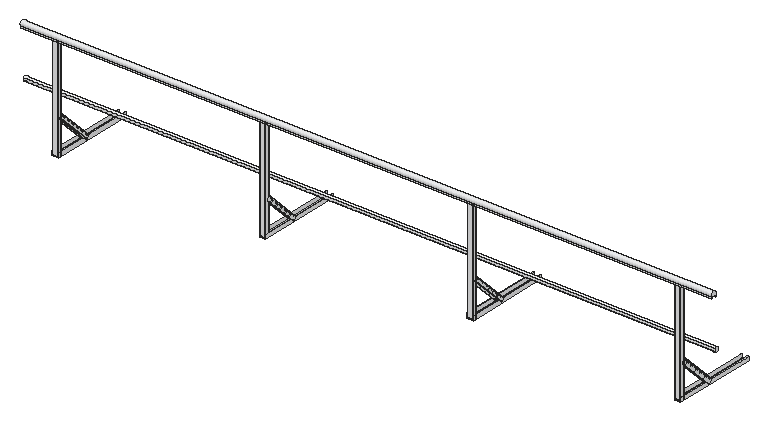
Revit family "Guardrail_Kattsafe_MetalDeckMount", category Specialty Equipment, Revit 2025
Family settings
  Round Connector Dimension = Use Diameter
  Part Type = Normal
  OmniClass Number = 23.17.25.11
  Enable Cutting in Views = No
  Cut with Voids When Loaded = No
  Maintain Annotation Orientation = No
  Shared = No
  Room Calculation Point = No
Parameters (values of type "Across Slope (GW3)")
  Uniclass2015Version = "Products v1.23"
  Uniclass2015Title = "Aluminium handrails"
  Uniclass2015Code = "Pr_25_30_36_03"
  URL = "https://kattsafe.com.au/"
  Type IFC Predefined Type = "GUARDRAIL"
  Type Comments = "Guardrail - Metal Deck Mount - Across Slope"
  SafetyDisclaimer [instance] = "WARNING! The correct placement of access, fall protection and facade maintenance systems is critical to ensure it is fit-for-purpose and safe for the operator to use. Did you know Kattsafe® have a dedicated team of Height Safety System Design Specialists? Kattsafe® provide one-on-one consultation and system design assistance to ensure you are meeting the stringent requirements of height safety and to give you PEACE OF MIND with your project."  # constant formula
  RoofPitchCalc2 [instance] = if(1 = 1, RoofPitchCalc + 90.00°, 0.00°)  # 90.00°
  RoofPitchCalc [instance] = if(and(AcrossSlope, RoofPitch < -30.00°), -30.00°, if(and(AcrossSlope, RoofPitch > 30.00°), 30.00°, if(AcrossSlope, RoofPitch, 0.00°)))  # 0.00°
  RoofPitch [instance] = 0.00°
  RailClosureBendEnd2 [instance] = no
  RailClosureBendEnd1 [instance] = no
  PostsSingleOption [instance] = if(and(([built-in parameter 1001306] - 56 mm - (PostsOffsetLength * 2)) < 1 mm, ([built-in parameter 1001306] - 56 mm) > 1999 mm), 1 > 0, 1 < 0)  # no
  PostsActualNumberOf [instance] = PostsOffsetLengthCalc3  # 4
  PostsOffsetLengthCalc3 [instance] = if(PostsOffsetLengthCalc > PostsOffsetLengthCalc2, rounddown(PostsOffsetLengthCalc2), PostsOffsetLengthCalc)  # 4
  PostsOffsetLengthCalc2 [instance] = (PostsOverallLength / PostsMaxSpacingLength) + 2  # 4.972
  PostsOffsetLengthCalc [instance] = (PostsOverallLength / PostsMaxSpacingLength) + 2  # 5
  PostsNumberOfCalc3 [instance] = if(and(PostsNumberOfCalc > PostsNumberOfCalc2, PostsOverallLength > PostsMaxSpacingLength * 2), rounddown(PostsNumberOfCalc2), if(PostsOverallLength < (PostsMaxSpacingLength * 2) + 1 mm, 2, PostsNumberOfCalc))  # 2
  PostsNumberOfCalc2 [instance] = (PostsOverallLength / PostsMaxSpacingLength)  # 2.972
  PostsNumberOfCalc [instance] = (PostsOverallLength / PostsMaxSpacingLength)  # 3
  PostsMaxSpacingLength = 2000 mm  # constant formula
  PostsHeight = if(1 = 1, ManufacturerOverallHeightCalc - 42 mm, 0 mm)  # 998 mm
  PostsArrayOption [instance] = if(([built-in parameter 1001306] - 56 mm - (PostsOffsetLength * 2)) < 1 mm, 1 < 0, 1 > 0)  # yes
  PostsOverallLength [instance] = if(1 = 1, [built-in parameter 1001306] - 56 mm, 0 mm)  # 5944 mm
  Material = Aluminum_Kattsafe_Satin
  ManufacturerOverallHeightCalc = if(ManufacturerOverallHeight < 900 mm, 900 mm, if(ManufacturerOverallHeight > 1100 mm, 1100 mm, ManufacturerOverallHeight))  # 1040 mm
  KneerailOffsetHeightCalc2 [instance] = if(KneerailOffsetHeight > 450 mm, 450 mm, KneerailOffsetHeight)  # 435 mm
  KneerailOffsetHeightCalc [instance] = if(or(RailClosureBendEnd1, RailClosureBendEnd2), 435 mm, KneerailOffsetHeightCalc2)  # 435 mm
  KneerailOffsetHeight [instance] = 435 mm
  PostsOffsetLength [instance] = PostsOverallLength / (PostsOffsetLengthCalc3 - 1)  # 1981.333 mm
  KneerailEnd2OverhangLengthCalc [instance] = if(RailClosureBendEnd2, 200 mm, HandrailEnd2OverhangLengthCalc + KneerailOffsetLengthEnd2)  # 300 mm
  KneerailOffsetLengthEnd2 [instance] = 0 mm
  KneerailEnd1OverhangLengthCalc [instance] = if(RailClosureBendEnd1, 200 mm, HandrailEnd1OverhangLengthCalc + KneerailOffsetLengthEnd1)  # 300 mm
  KneerailOffsetLengthEnd1 [instance] = 0 mm
  KneerailAngledOffsetHeight [instance] = KneerailOffsetHeightCalc + (-HandrailAngledOffsetHeight)  # 492 mm
  HandrailEnd2OverhangLengthCalc [instance] = if(RailClosureBendEnd2, 0 mm, HandrailOverhangLengthEnd2)  # 300 mm
  HandrailOverhangLengthEnd2 [instance] = 300 mm
  HandrailEnd1OverhangLengthCalc [instance] = if(RailClosureBendEnd1, 0 mm, HandrailOverhangLengthEnd1)  # 300 mm
  HandrailOverhangLengthEnd1 [instance] = 300 mm
  ModifiedIssue = 20240430
  Model = "GW3"
  ManufacturerURLProductSpecific = "https://kattsafe.com.au/products/guardrails-walkway/guardrail-only-gw"
  ManufacturerSpecCode = Model  # "GW3"
  ManufacturerOverallWidth = 800 mm  # constant formula
  ManufacturerOverallLength [instance] = [built-in parameter 1001306]  # 6000 mm
  ManufacturerOverallHeight = 1040 mm
  Manufacturer = "Kattsafe®"  # constant formula
  built-in parameter 1001306 [instance] = 6000 mm
  IfcExportType = "GUARDRAIL"
  IfcExportAs = "IfcRailing"
  HandrailClosureAngledOffsetHeight = -532 mm  # constant formula
  HandrailAngledOffsetHeight = -57 mm  # constant formula
  GuardrailHeight = ManufacturerOverallHeightCalc  # 1040 mm
  Export Type to IFC As = "IfcRailing"
  Description = "Kattsafe guardrail systems are the preferred method of safe access across roofs and areas close to a fall edge. The system requires no specialist PPE, personnel or training to safely prevent a fall with a walkway to designate a safe path of access across the roof surface."  # constant formula
  Default Elevation = 0 mm
  CreatedBy = "IGS BIM Solutions"  # constant formula
  CreatedByURL = "https://igsgroup.com.au"
  Assembly Code = "E1090100"
  AcrossSlope = yes
Types (2, lengths in mm): name | ManufacturerURLProductSpecific | AcrossSlope
  Across Slope (GW3) | "https://kattsafe.com.au/products/guardrails-walkway/guardrail-only-gw" | yes
  Along Slope (GW3) | "https://kattsafe.com.au/products/guardrails-walkway/guardrail-and-walkway-gw" | no
Reference planes
  plane 1 "Post_Back_Calc": y = -762
  plane 2 "Bottom": z = 0
  plane 3 "Left": x = 0
  plane 4 "Right": x = 6000
  plane 5 "Top": z = 1040
  plane 6 "Front": y = -800
  plane 7 "Post_Back": y = -762
  plane 8 "Post_Centre (Front/Back)": y = -781
  plane 9 "Kneerail_Top": z = 548
  plane 10 "Handrail_Bottom": z = 983
  plane 11 "Post_Array_Left": x = 2009.333
  plane 12 "Post_Array_Right": x = 3990.667
  plane 13 "Center (Left/Right)": x = 3000
  plane 14 "Post_Left_Centre (Left/Right)": x = 28
  plane 15 "Kneerail_Left": x = -300
  plane 16 "Post_Left": x = 0
  plane 17 "Handrail_Left": x = -300
  plane 18 "Post_Right_Centre (Left/Right)": x = 5972
  plane 19 "Kneerail_Right": x = 6300
  plane 20 "Post_Right": x = 6000
  plane 21 "Handrail_Right": x = 6300
  plane 22 "Post_Front": y = -800
  plane 23 "Left_Calc": x = 0
  plane 24 "Right_Calc": x = 6000
  plane 25 "Back": y = 0
Lines and regions (mm)
  reference lines
    curve 1: line (0, -762, 0) -> (6000, -762, 0)
    curve 2: line (0, -762, 0) -> (0.961, -762, 0)
    curve 3: line (6000, -762, 0) -> (5998.961, -762, 0)
    curve 4: line (0, -800, 0) -> (0, -800, 1040)
Text (mm)
  text "Disclaimer:\nDue to ongoing product development and manufacturing \nevolution, product details are subject to change without \nnotice. Please refer to product technical data sheets on \nthe manufacturers website for the most current product \ninformation. Please allow a +/- 5mm manufacturing \ntolerance for dimensions and set-outs shown in product \nliterature." at (9995.56, 2310.991, 0), in view "Ref. Level"
Dimensions and locks
  "built-in parameter 1001306": plane 3 "Left" to plane 4 "Right"
  "ManufacturerOverallHeightCalc": plane 5 "Top" to plane 2 "Bottom"
  "KneerailOffsetHeightCalc": plane 10 "Handrail_Bottom" to plane 9 "Kneerail_Top"
  "PostsOffsetLength": plane 12 "Post_Array_Right" to plane 18 "Post_Right_Centre (Left/Right)"
  locked: plane 5 "Top" to plane 10 "Handrail_Bottom" at 57
  "PostsOffsetLength": plane 14 "Post_Left_Centre (Left/Right)" to plane 11 "Post_Array_Left"
  locked: plane 16 "Post_Left" to plane 14 "Post_Left_Centre (Left/Right)" at 28
  locked: plane 23 "Left_Calc" to plane 16 "Post_Left" at 0
  "HandrailEnd1OverhangLengthCalc": plane 17 "Handrail_Left" to plane 16 "Post_Left"
  "KneerailEnd1OverhangLengthCalc": plane 15 "Kneerail_Left" to plane 16 "Post_Left"
  locked: plane 20 "Post_Right" to plane 18 "Post_Right_Centre (Left/Right)" at 28
  equal spacing: plane 3 "Left", plane 13 "Center (Left/Right)", plane 4 "Right"
  locked: plane 20 "Post_Right" to plane 24 "Right_Calc" at 0
  "KneerailEnd2OverhangLengthCalc": plane 20 "Post_Right" to plane 19 "Kneerail_Right"
  "HandrailEnd2OverhangLengthCalc": plane 20 "Post_Right" to plane 21 "Handrail_Right"
  "ManufacturerOverallHeightCalc": curve 4 to curve 4
  locked: curve 4 to nested 4 at 19
  locked: curve 4 to nested 5 at 38
  locked: curve 4 to nested 6 at 19
  locked: plane 3 "Left" to plane 23 "Left_Calc"
  locked: plane 24 "Right_Calc" to plane 4 "Right"
  group 1 to group 2 = 1981.333 mm
  group 1 to group 2 = 0 mm  (x2)
  locked: plane 22 "Post_Front" to plane 6 "Front" at 0
  locked: plane 22 "Post_Front" to plane 7 "Post_Back" at 38
  locked: plane 1 "Post_Back_Calc" to plane 7 "Post_Back" at 0
  equal spacing: plane 22 "Post_Front", plane 8 "Post_Centre (Front/Back)", plane 7 "Post_Back"
  "ManufacturerOverallWidth": plane 6 "Front" to plane 25 "Back"
  "RoofPitchCalc2": angle plane 2 "Bottom" to curve 4
  aligned and locked: plane 4 "Right" to curve 1
  aligned and locked: plane 1 "Post_Back_Calc" to curve 1
  aligned and locked: plane 3 "Left" to curve 1
  aligned and locked: level to plane 2 "Bottom"
  aligned and locked: plane 4 "Right" to curve 3
  aligned and locked: plane 2 "Bottom" to nested 1
  aligned and locked: plane 2 "Bottom" to nested 2
  aligned and locked: plane 2 "Bottom" to curve 4
  aligned and locked: plane 22 "Post_Front" to curve 4
  aligned and locked: nested 6 to plane 17 "Handrail_Left"
  aligned and locked: plane 17 "Handrail_Left" to nested 4
  aligned and locked: plane 15 "Kneerail_Left" to nested 5
  aligned and locked: plane 19 "Kneerail_Right" to nested 5
  aligned and locked: plane 21 "Handrail_Right" to nested 4
  aligned and locked: plane 21 "Handrail_Right" to nested 7
  aligned and locked: plane 18 "Post_Right_Centre (Left/Right)" to nested 2
  aligned and locked: nested 3 to plane 11 "Post_Array_Left"
  aligned and locked: nested 1 to plane 14 "Post_Left_Centre (Left/Right)"
  aligned and locked: nested 8 to plane 11 "Post_Array_Left"
  aligned and locked: nested 9 to plane 12 "Post_Array_Right"
  aligned and locked: plane 2 "Bottom" to nested 9
  aligned and locked: plane 2 "Bottom" to nested 8
  aligned and locked: nested 9 to plane 2 "Bottom"
  aligned and locked: nested 2 to plane 2 "Bottom"
  aligned and locked: plane 8 "Post_Centre (Front/Back)" to nested 1
  aligned and locked: plane 8 "Post_Centre (Front/Back)" to nested 8
  aligned and locked: plane 8 "Post_Centre (Front/Back)" to nested 3
  aligned and locked: plane 8 "Post_Centre (Front/Back)" to nested 9
  aligned and locked: plane 8 "Post_Centre (Front/Back)" to nested 2
Automatic sketch dimensions
  plane 3 "Left" to curve 2 = 0.961 mm
  curve 3 to plane 4 "Right" = 1.039 mm
  curve 2 to plane 3 "Left" = 0 mm
  plane 1 "Post_Back_Calc" to curve 3 = 0 mm
  plane 1 "Post_Back_Calc" to curve 2 = 0 mm
Nested families
  nested 1: "z_Guardrail_RoofMount_Kattsafe" at (2.215, -800, 0) x (-1, 0, 0) z (0, 0, 1), ManufacturerOverallHeight <- "PostsHeight", RoofPitch <- "RoofPitchCalc", Material <- "Material", type "GW353"
    with RoofPitch_Calc 90.00°, RoofPitch 0.00°, Material Aluminum_Kattsafe_Satin, ManufacturerOverallHeight 998 mm
  nested 2: "z_Guardrail_RoofMount_Kattsafe" at (5946.215, -800, 0) x (-1, 0, 0) z (0, 0, 1), ManufacturerOverallHeight <- "PostsHeight", RoofPitch <- "RoofPitchCalc", Material <- "Material", type "GW353"
    with RoofPitch_Calc 90.00°, RoofPitch 0.00°, Material Aluminum_Kattsafe_Satin, ManufacturerOverallHeight 998 mm
  nested 3: "z_Guardrail_RoofMount_Kattsafe" at (1983.549, -800, 0) x (-1, 0, 0) z (0, 0, 1), ManufacturerOverallHeight <- "PostsHeight", visible <- "PostsSingleOption", RoofPitch <- "RoofPitchCalc", Material <- "Material", type "GW353"
    with RoofPitch_Calc 90.00°, RoofPitch 0.00°, Material Aluminum_Kattsafe_Satin, ManufacturerOverallHeight 998 mm
  nested 4: "z_Guardrail_Kattsafe_HandrailTube" at (-274.215, -781, 983), built-in parameter 1001364 <- "HandrailAngledOffsetHeight", Material <- "Material", type "GW374"
    with Material Aluminum_Kattsafe_Satin, ManufacturerOverallLength 6600 mm
  nested 5: "z_Guardrail_Kattsafe_KneerailTube" at (-274.215, -744.85, 548) x (1, 0, 0) z (0, 0, -1), built-in parameter 1001364 <- "KneerailAngledOffsetHeight", Material <- "Material", type "GW375"
    with Material Aluminum_Kattsafe_Satin, ManufacturerOverallLength 6600 mm
  nested 6: "z_Guardrail_Kattsafe_HandrailClosureBend" at (-674.215, -781, 508), built-in parameter 1001364 <- "HandrailClosureAngledOffsetHeight", visible <- "RailClosureBendEnd1", Material <- "Material", type "GW387"
    with Material Aluminum_Kattsafe_Satin, ManufacturerOverallLength 400 mm
  nested 7: "z_Guardrail_Kattsafe_HandrailClosureBend" at (6674.215, -781, 508) x (-1, 0, 0) z (0, 0, 1), built-in parameter 1001364 <- "HandrailClosureAngledOffsetHeight", visible <- "RailClosureBendEnd2", Material <- "Material", type "GW387"
    with Material Aluminum_Kattsafe_Satin, ManufacturerOverallLength 400 mm
  nested 8: "z_Guardrail_RoofMount_Kattsafe" at (1983.549, -800, 0) x (-1, 0, 0) z (0, 0, 1), ManufacturerOverallHeight <- "PostsHeight", visible <- "PostsArrayOption", RoofPitch <- "RoofPitchCalc", Material <- "Material", type "GW353"
    with RoofPitch_Calc 90.00°, RoofPitch 0.00°, Material Aluminum_Kattsafe_Satin, ManufacturerOverallHeight 998 mm
  nested 9: "z_Guardrail_RoofMount_Kattsafe" at (3964.882, -800, 0) x (-1, 0, 0) z (0, 0, 1), ManufacturerOverallHeight <- "PostsHeight", visible <- "PostsArrayOption", RoofPitch <- "RoofPitchCalc", Material <- "Material", type "GW353"
    with RoofPitch_Calc 90.00°, RoofPitch 0.00°, Material Aluminum_Kattsafe_Satin, ManufacturerOverallHeight 998 mm
Definition of nested family "z_Guardrail_RoofMount_Kattsafe"
  Parameters (values of type "GW353")
    URL = "https://kattsafe.com.au/"
    Type Comments = ""
    RoofPitch_Calc [instance] = if(1 = 1, RoofPitch + 90.00°, 0.00°)  # 90.00°
    RoofPitch [instance] = 0.00°
    ModifiedIssue = 20191004
    Model = "GW353"
    Material [instance] = none
    ManufacturerURLProductSpecific = ""
    ManufacturerSpecCode = Model  # "GW353"
    ManufacturerOverallWidth = 65 mm  # constant formula
    ManufacturerOverallHeight [instance] = 1058 mm
    ManufacturerOverallDepth = 800 mm  # constant formula
    Manufacturer = "SAYFA"  # constant formula
    Keynote = ""
    Description = "Sentry Roof Mount Guardrail Post"
    Default Elevation = 0 mm  # constant formula
    CreatedBy = "IGS BIM Solutions"  # constant formula
    CreatedByURL = "https://igsgroup.com.au"
  Reference planes
    plane 1 "Bottom": z = 0
    plane 2 "Post_Back": y = 0
    plane 3 "Post_Front": y = -38
    plane 4 "Center (Left/Right)": x = -25.785
    plane 5 "Top": z = 1058
    plane 6 "Post_Right": x = 2.215
    plane 7 "Post_Left": x = -53.785
    plane 8 "Front": y = -800
    plane 9 "Base Channel_Top": z = 38
    plane 10 "Post_Centre (Front/Back)": y = -19
    plane 11 "Brace_Top": z = 356.198
    plane 12 "Left": x = -58.285
    plane 13 "Right": x = 6.715
    plane 14 "Back": y = 0
  Forms (mm)
    Sweep 1, solid, material <- "Material"
      path origin (-25.785, 0, 0) x (0, 1, 0) y (0, 0, 1)
        loop
          line (0, 38) -> (-800, 38)
      profile origin (-25.785, -400, 38) x (0, 0, -1) y (1, 0, 0)
        loop
          line (38, 32.5) -> (1.5, 32.5)
          arc (1.5, 32.5) -> (0, 31) -> (1.5, 29.5) r 1.5
          line (1.5, 29.5) -> (35, 29.5) -> (35, 19.5) -> (32.5, 19.5)
          arc (32.5, 19.5) -> (32, 19) -> (32.5, 18.5) r 0.5
          line (32.5, 18.5) -> (35, 18.5) -> (35, -18.5) -> (32.5, -18.5)
          arc (32.5, -18.5) -> (32, -19) -> (32.5, -19.5) r 0.5
          line (32.5, -19.5) -> (35, -19.5) -> (35, -29.5) -> (1.5, -29.5)
          arc (1.5, -29.5) -> (0, -31) -> (1.5, -32.5) r 1.5
          line (1.5, -32.5) -> (38, -32.5) -> (38, 32.5)
    SweptBlend 2, solid, material <- "Material"
      path origin (-25.785, 0, 0) x (0, 1, 0) y (0, 0, 1)
        loop
          line (-38.011, 356.198) -> (-356.209, 38)
      profile origin (-25.785, -38.011, 356.198) x (0, 0.707107, -0.707107) y (1, 0, 0)
        loop
          line (0, 32.5) -> (0, -32.5) -> (36.5, -32.5)
          arc (36.5, -32.5) -> (38, -31) -> (36.5, -29.5) r 1.5
          line (36.5, -29.5) -> (3, -29.5) -> (3, -19.5) -> (5.5, -19.5)
          arc (5.5, -19.5) -> (6, -19) -> (5.5, -18.5) r 0.5
          line (5.5, -18.5) -> (3, -18.5) -> (3, 18.5) -> (5.5, 18.5)
          arc (5.5, 18.5) -> (6, 19) -> (5.5, 19.5) r 0.5
          line (5.5, 19.5) -> (3, 19.5) -> (3, 29.5) -> (36.5, 29.5)
          arc (36.5, 29.5) -> (38, 31) -> (36.5, 32.5) r 1.5
          line (36.5, 32.5) -> (0, 32.5)
      end profile origin (-25.785, -356.209, 38) x (0, 0.707107, -0.707107) y (1, 0, 0)
        loop
          line (0, 29.5) -> (0, -35.5) -> (36.5, -35.5)
          arc (36.5, -35.5) -> (38, -34) -> (36.5, -32.5) r 1.5
          line (36.5, -32.5) -> (3, -32.5) -> (3, -22.5) -> (5.5, -22.5)
          arc (5.5, -22.5) -> (6, -22) -> (5.5, -21.5) r 0.5
          line (5.5, -21.5) -> (3, -21.5) -> (3, 15.5) -> (5.5, 15.5)
          arc (5.5, 15.5) -> (6, 16) -> (5.5, 16.5) r 0.5
          line (5.5, 16.5) -> (3, 16.5) -> (3, 26.5) -> (36.5, 26.5)
          arc (36.5, 26.5) -> (38, 28) -> (36.5, 29.5) r 1.5
          line (36.5, 29.5) -> (0, 29.5)
    Sweep 3, solid, material <- "Material"
      path origin (-25.785, 0, 0) x (0, 1, 0) y (0, 0, 1)
        loop
          line (-38, 0) -> (-38, 1058)
      profile origin (-25.785, -38, 529) x (0, -1, 0) y (1, 0, 0)
        loop
          arc (-38, -23) -> (-36.536, -26.536) -> (-33, -28) r 5
          line (-33, -28) -> (-5, -28)
          arc (-5, -28) -> (-1.464, -26.536) -> (0, -23) r 5
          line (0, -23) -> (0, 23)
          arc (0, 23) -> (-1.464, 26.536) -> (-5, 28) r 5
          line (-5, 28) -> (-33, 28)
          arc (-33, 28) -> (-36.536, 26.536) -> (-38, 23) r 5
          line (-38, 23) -> (-38, -23)
  Lines and regions (mm)
    reference lines
      curve 1: line (-25.785, -38, 356.209) -> (-25.785, -356.209, 38)
      curve 2: line (-25.785, -38, 0) -> (-25.785, -38, 1058)
  Dimensions and locks
    "ManufacturerOverallHeight": plane 5 "Top" to plane 1 "Bottom"
    locked: plane 7 "Post_Left" to plane 6 "Post_Right" at 56
    "ManufacturerOverallDepth": plane 14 "Back" to plane 8 "Front"
    equal spacing: plane 7 "Post_Left", plane 4 "Center (Left/Right)", plane 6 "Post_Right"
    locked: plane 9 "Base Channel_Top" to plane 1 "Bottom" at 38
    Sweep 1 sketch curve to profile plane to Sweep 1 sketch curve = 32.5 mm locked, 32.5 mm locked
    Sweep 1 sketch curve to profile plane to Sweep 1 sketch curve = 29.5 mm locked, 29.5 mm locked
    locked: profile plane to Sweep 1 sketch curve
    locked: profile plane to Sweep 1 sketch curve at 0
    locked: profile plane to Sweep 1 sketch curve at 35  (x3)
    profile plane to Sweep 1 sketch curve = 38 mm
    equal spacing: plane 3 "Post_Front", plane 10 "Post_Centre (Front/Back)", plane 2 "Post_Back"
    profile plane to Sweep 1 sketch curve = 32 mm  (x2)
    Sweep 1 sketch curve to profile plane to Sweep 1 sketch curve = 18.5 mm locked, 18.5 mm locked
    Sweep 1 sketch curve to profile plane to Sweep 1 sketch curve = 19.5 mm locked, 19.5 mm locked
    equal spacing: plane 12 "Left", plane 4 "Center (Left/Right)", plane 13 "Right"
    "ManufacturerOverallWidth": plane 12 "Left" to plane 13 "Right"
    locked: plane 2 "Post_Back" to plane 3 "Post_Front" at 38
    locked: Sweep 3 sketch curve to profile plane at 38
    equal spacing: Sweep 3 sketch curve, profile plane, Sweep 3 sketch curve, locked at 28 each
    locked: Sweep 3 sketch curve to Sweep 3 sketch curve at 56
    locked: curve 2 to Sweep 3 sketch curve at 0
    "ManufacturerOverallHeight": curve 2 to curve 2
    locked: plane 14 "Back" to plane 2 "Post_Back" at 0
    radius of Sweep 3 sketch curve = 5 mm  (x4)
    locked: curve 1 to plane 11 "Brace_Top" (angle 45.00°)
    "RoofPitch_Calc": angle curve 2 to plane 1 "Bottom"
    aligned and locked: level to plane 1 "Bottom"
    aligned and locked: curve 1 to SweptBlend 2 sketch curve
    aligned and locked: plane 11 "Brace_Top" to SweptBlend 2 sketch curve
    aligned and locked: plane 14 "Back" to Sweep 1 sketch curve
    aligned and locked: plane 3 "Post_Front" to curve 2
    aligned and locked: plane 1 "Bottom" to curve 2
    aligned and locked: curve 2 to Sweep 3 sketch curve
    aligned and locked: profile plane to Sweep 3 sketch curve
    aligned and locked: plane 1 "Bottom" to Sweep 3 sketch curve
    aligned and locked: plane 9 "Base Channel_Top" to curve 1
  Automatic sketch dimensions
    profile plane to SweptBlend 2 sketch curve = 0 mm  (x2)
    SweptBlend 2 sketch curve to profile plane = 3 mm
    SweptBlend 2 sketch curve to SweptBlend 2 sketch curve = 3 mm  (x4)
    SweptBlend 2 sketch curve to SweptBlend 2 sketch curve = 0 mm  (x2)
    SweptBlend 2 sketch curve to SweptBlend 2 sketch curve = 2.5 mm  (x4)
    SweptBlend 2 sketch curve to profile plane = 36.5 mm  (x4)
    SweptBlend 2 sketch curve to plane 4 "Center (Left/Right)" = 32.5 mm
    SweptBlend 2 sketch curve to SweptBlend 2 sketch curve = 1.5 mm  (x2)
    SweptBlend 2 sketch curve to SweptBlend 2 sketch curve = 10 mm  (x3)
    SweptBlend 2 sketch curve to SweptBlend 2 sketch curve = 0.5 mm  (x3)
    SweptBlend 2 sketch curve to SweptBlend 2 sketch curve = 1 mm
    SweptBlend 2 sketch curve to SweptBlend 2 sketch curve = 37 mm  (x2)
    SweptBlend 2 sketch curve to plane 4 "Center (Left/Right)" = 35.5 mm
    SweptBlend 2 sketch curve to SweptBlend 2 sketch curve = 11 mm
    SweptBlend 2 sketch curve to SweptBlend 2 sketch curve = 14 mm
    plane 9 "Base Channel_Top" to SweptBlend 2 sketch curve = 0 mm
    Sweep 1 sketch curve to plane 8 "Front" = 0 mm
    plane 9 "Base Channel_Top" to Sweep 1 sketch curve = 0 mm
Definition of nested family "z_Guardrail_Kattsafe_HandrailTube"
  Parameters (values of type "GW374")
    URL = "https://kattsafe.com.au/"
    Type Comments = ""
    ModifiedIssue = 20190911
    Model = "GW374"
    Material [instance] = none
    ManufacturerURLProductSpecific = ""
    ManufacturerSpecCode = Model  # "GW374"
    ManufacturerOverallWidth = 50 mm  # constant formula
    ManufacturerOverallLength [instance] = 6000 mm
    ManufacturerOverallHeight = 57 mm  # constant formula
    Manufacturer = "SAYFA"  # constant formula
    Keynote = ""
    Description = "Sentry Handrail Tube"
    Default Elevation = 0 mm  # constant formula
    CreatedBy = "IGS BIM Solutions"  # constant formula
    CreatedByURL = "https://igsgroup.com.au"
  Reference planes
    plane 1 "Bottom": z = 0
    plane 2 "Center (Front/Back)": y = 0
    plane 3 "Front": y = -25
    plane 4 "Left": x = -25.785
    plane 5 "Center (Left/Right)": x = 2974.215
    plane 6 "Top": z = 57
    plane 7 "Right": x = 5974.215
    plane 8 "Back": y = 25
    plane 9 "Rail_Top": z = 15
  Forms (mm)
    Extrusion 1, solid, material <- "Material"
      sketch origin (-25.785, 0, 0) x (0, 1, 0) y (0, 0, 1)
        loop
          arc (21, 18.435) -> (0, 57) -> (-21, 18.435) r 25
          line (-21, 18.435) -> (-21, 0) -> (-20, 0) -> (-20, 15) -> (20, 15) -> (20, 0) -> (21, 0) -> (21, 18.435)
      from 0 to 6000
  Dimensions and locks
    "ManufacturerOverallWidth": plane 8 "Back" to plane 3 "Front"
    "ManufacturerOverallHeight": plane 6 "Top" to plane 1 "Bottom"
    equal spacing: plane 4 "Left", plane 5 "Center (Left/Right)", plane 7 "Right"
    "ManufacturerOverallLength": plane 4 "Left" to plane 7 "Right"
    equal spacing: plane 8 "Back", plane 2 "Center (Front/Back)", plane 3 "Front"
    locked: plane 9 "Rail_Top" to plane 1 "Bottom" at 15
    aligned and locked: plane 1 "Bottom" to level
    aligned and locked: Extrusion 1 sketch curve to plane 1 "Bottom"  (x2)
    aligned and locked: Extrusion 1 to plane 4 "Left"
    aligned and locked: Extrusion 1 to plane 7 "Right"
  Automatic sketch dimensions
    Extrusion 1 sketch curve to plane 2 "Center (Front/Back)" = 0 mm
    Extrusion 1 sketch curve to Extrusion 1 sketch curve = 3.435 mm
    Extrusion 1 sketch curve to plane 9 "Rail_Top" = 3.435 mm
    Extrusion 1 sketch curve to Extrusion 1 sketch curve = 1 mm  (x2)
    plane 3 "Front" to Extrusion 1 sketch curve = 5 mm
    Extrusion 1 sketch curve to plane 9 "Rail_Top" = 17 mm
    plane 9 "Rail_Top" to Extrusion 1 sketch curve = 0 mm
Definition of nested family "z_Guardrail_Kattsafe_KneerailTube"
  Parameters (values of type "GW375")
    URL = "https://kattsafe.com.au/"
    Type Comments = ""
    ModifiedIssue = 20190911
    Model = "GW375"
    Material [instance] = none
    ManufacturerURLProductSpecific = ""
    ManufacturerSpecCode = Model  # "GW375"
    ManufacturerOverallWidth = 34.3 mm  # constant formula
    ManufacturerOverallLength [instance] = 6000 mm
    ManufacturerOverallHeight = 40 mm  # constant formula
    Manufacturer = "SAYFA"  # constant formula
    Keynote = ""
    Description = "Sentry Kneerail Tube"
    Default Elevation = 0 mm  # constant formula
    CreatedBy = "IGS BIM Solutions"  # constant formula
    CreatedByURL = "https://igsgroup.com.au"
  Reference planes
    plane 1 "Bottom": z = 0
    plane 2 "Center (Front/Back)": y = 1.438
    plane 3 "Front": y = -17.15
    plane 4 "Left": x = -25.785
    plane 5 "Center (Left/Right)": x = 2974.215
    plane 6 "Top": z = 40
    plane 7 "Right": x = 5974.215
    plane 8 "Back": y = 17.15
    plane 9 "Center (Elevation)": z = 20
  Forms (mm)
    Extrusion 1, solid, material <- "Material"
      sketch origin (2974.215, 0, 0) x (0, 1, 0) y (0, 0, -1)
        loop
          line (17.15, -32.374) -> (17.15, -7.626)
          arc (17.15, -7.626) -> (-1.443, -0.208) -> (-17.15, -12.617) r 20
          line (-17.15, -12.617) -> (-13.15, -12.617) -> (-13.15, -27.383) -> (-17.15, -27.383)
          arc (-17.15, -27.383) -> (-1.443, -39.792) -> (17.15, -32.374) r 20
      from -3000 to 3000
  Dimensions and locks
    "ManufacturerOverallWidth": plane 8 "Back" to plane 3 "Front"
    "ManufacturerOverallHeight": plane 6 "Top" to plane 1 "Bottom"
    equal spacing: plane 4 "Left", plane 5 "Center (Left/Right)", plane 7 "Right"
    "ManufacturerOverallLength": plane 4 "Left" to plane 7 "Right"
    equal spacing: plane 6 "Top", plane 9 "Center (Elevation)", plane 1 "Bottom"
    aligned and locked: plane 1 "Bottom" to level
    aligned and locked: Extrusion 1 to plane 7 "Right"
    aligned and locked: Extrusion 1 to plane 4 "Left"
  Automatic sketch dimensions
    Extrusion 1 sketch curve to Extrusion 1 sketch curve = 0 mm  (x2)
    Extrusion 1 sketch curve to plane 3 "Front" = 0 mm  (x2)
    Extrusion 1 sketch curve to plane 2 "Center (Front/Back)" = 0 mm
    Extrusion 1 sketch curve to plane 8 "Back" = 0 mm
    plane 9 "Center (Elevation)" to Extrusion 1 sketch curve = 0 mm
    Extrusion 1 sketch curve to Extrusion 1 sketch curve = 4 mm
    Extrusion 1 sketch curve to plane 9 "Center (Elevation)" = 7.383 mm
    plane 9 "Center (Elevation)" to Extrusion 1 sketch curve = 7.383 mm
Definition of nested family "z_Guardrail_Kattsafe_HandrailClosureBend"
  Parameters (values of type "GW387")
    URL = "https://kattsafe.com.au/"
    Type Comments = ""
    ModifiedIssue = 20190917
    Model = "GW387"
    Material [instance] = none
    ManufacturerURLProductSpecific = ""
    ManufacturerSpecCode = Model  # "GW387"
    ManufacturerOverallWidth = 50 mm  # constant formula
    ManufacturerOverallLength [instance] = 400 mm  # constant formula
    ManufacturerOverallHeight = 532 mm  # constant formula
    Manufacturer = "SAYFA"  # constant formula
    Keynote = ""
    Description = "Handrail Closure Bend"
    Default Elevation = 0 mm  # constant formula
    CreatedBy = "IGS BIM Solutions"  # constant formula
    CreatedByURL = "https://igsgroup.com.au"
  Reference planes
    plane 1 "Bottom": z = 0
    plane 2 "Center (Front/Back)": y = 0
    plane 3 "Front": y = -25
    plane 4 "Left": x = -25.785
    plane 5 "Center (Left/Right)": x = 174.215
    plane 6 "Top": z = 532
    plane 7 "Right": x = 374.215
    plane 8 "Handrail_Back": y = 25
    plane 9 "Kneerail_Centre (Front/Back)": y = 34.7
    plane 10 "Kneerail_Centre (Elevation)": z = 20
    plane 11 "Handrail_Centre (Elevation)": z = 507
    plane 12 "Back": y = 59.69
  Forms (mm)
    Sweep 1, solid, material <- "Material"
      path origin (0, 36.034, 1.282) x (1, 0, 0) y (0, -0.071072, 0.997471)
        loop
          line (374.215, 532) -> (74.215, 532)
          arc (74.215, 532) -> (3.505, 502.711) -> (-25.785, 432) r 100
          line (-25.785, 432) -> (-25.785, 93.9)
          arc (-25.785, 93.9) -> (3.505, 23.189) -> (74.215, -6.1) r 100
          line (74.215, -6.1) -> (164.215, -6.1)
      profile origin (224.215, -1.777, 531.937) x (0, 0.071072, -0.997471) y (0, -0.997471, -0.071072)
        loop
          circle (25, 0) r 25
    SweptBlend 2, solid, material <- "Material"
      path origin (0, 34.7, 0) x (-1, 0, 0) y (0, 0, 1)
        loop
          line (-164.215, 20) -> (-174.215, 20)
      profile origin (164.215, 34.7, 20) x (0, 0, 1) y (0, -1, 0)
        loop
          circle (0, 0) r 25
      end profile origin (174.215, 34.7, 20) x (0, 0, 1) y (0, -1, 0)
        loop
          circle (0, 0) r 20
  Lines and regions (mm)
    symbolic lines
      curve 1: circle (374.215, 34.7, 20) r 25 normal (1, 0, 0)
  Dimensions and locks
    "ManufacturerOverallWidth": plane 8 "Handrail_Back" to plane 3 "Front"
    "ManufacturerOverallHeight": plane 6 "Top" to plane 1 "Bottom"
    equal spacing: plane 4 "Left", plane 5 "Center (Left/Right)", plane 7 "Right"
    "ManufacturerOverallLength": plane 4 "Left" to plane 7 "Right"
    equal spacing: plane 8 "Handrail_Back", plane 2 "Center (Front/Back)", plane 3 "Front"
    locked: plane 2 "Center (Front/Back)" to plane 9 "Kneerail_Centre (Front/Back)" at 34.7
    locked: profile plane to Sweep 1 sketch curve at 25
    Sweep 1 sketch curve to plane 5 "Center (Left/Right)" = 10 mm
    locked: plane 12 "Back" to plane 3 "Front" at 84.69
    radius of Sweep 1 sketch curve = 100 mm  (x2)
    radius of SweptBlend 2 sketch curve = 25 mm
    radius of SweptBlend 2 sketch curve = 20 mm
    aligned and locked: plane 1 "Bottom" to level
    aligned and locked: Sweep 1 sketch curve to plane 4 "Left"
    aligned and locked: profile plane to Sweep 1 sketch curve
    aligned and locked: plane 10 "Kneerail_Centre (Elevation)" to SweptBlend 2 sketch curve
    aligned and locked: profile plane to SweptBlend 2 sketch curve  (x4)
  Automatic sketch dimensions
    curve 1 to plane 9 "Kneerail_Centre (Front/Back)" = 0 mm
    plane 10 "Kneerail_Centre (Elevation)" to curve 1 = 0 mm
    Sweep 1 sketch curve to plane 7 "Right" = 0 mm
    Sweep 1 sketch curve to Sweep 1 sketch curve = 338.1 mm
    plane 5 "Center (Left/Right)" to SweptBlend 2 sketch curve = 0 mm
    SweptBlend 2 sketch curve to plane 5 "Center (Left/Right)" = 10 mm
    radius of curve 1 = 25 mm
    radius of Sweep 1 sketch curve = 25 mm
